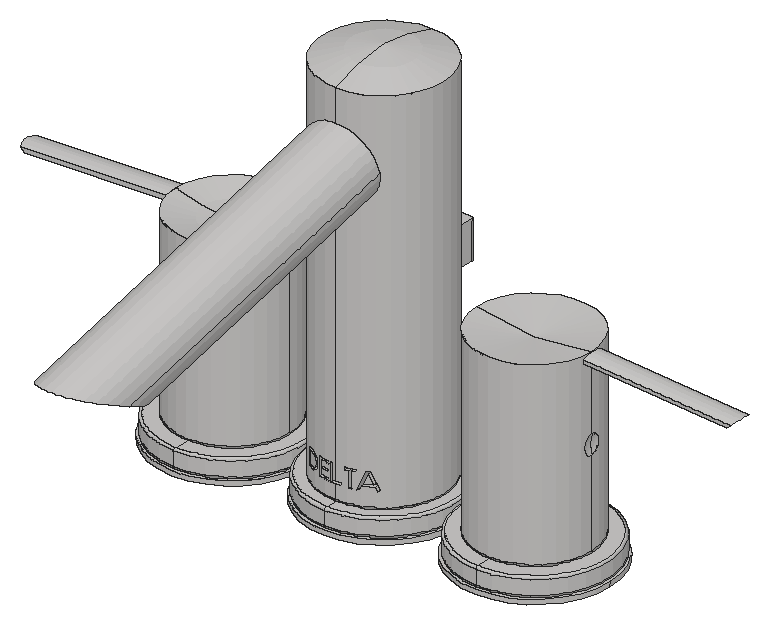
Revit family "Delta Bath Compel 3561", category Plumbing Fixtures, host Face, Revit 2012
Parameters (values of type "Delta Bath Compel 3561")
  tor Type = "Laminar"
  Valve Type = "Euromotion DIAMOND(TM) Valve"
  URL = "http://www.deltafaucet.com"
  Number of Handles = 2
  Model = "3561"
  Manufacturer = "Delta"
  Installation Type = "Widespread"
  Flow Rate = "1.5 gpm @ 60 psi, 5.7 L/min @ 414 kPa \r\n\r\nRead more: http://www.deltafaucet.com/bath/details/3561-mpu-dst.html#/?tab=product-support#ixzz2OqSZ4YBZ"
  Drain type = "Metal pop-up"
  Default Elevation = 4' - 0"
Reference planes (in)
  plane 1 "Center (Front/Back)": y = 0
  plane 2: z = 0
  plane 3 "Center (Left/Right)": x = 0
Dimensions and locks (in)
  aligned and locked: plane 2 to host face
  aligned and locked: level to host face
Nested families (in)
  nested 1: "Delta Bath Compel 3561" at (0, 0, 0), type "Delta Bath Compel 3561"
Connectors (in)
  piping at (0, 0, 0)
    settings: on host face, index 1, connector radius 12", flow factor 0, pipe flow 0 GPM, pressure drop 0.00 psi, fitting loss kfactor 0, connector angle 0.00°, fixture units 0, engagement length 0' - 0", flow configuration 0, flow direction 0, fitting loss method 0, system type 7, joint type 0, gender type 0, connector reference index -1, connector utility 0, adjustable connector no, is connector primary yes, fitting loss table "", connector description ""
Definition of nested family "Delta Bath Compel 3561"
  Parameters (values of type "Delta Bath Compel 3561")
    URL = "http://www.deltafaucet.com \r\n"
    Tap = Stainless Steel
    Model = "Delta Bath Compel 3561"
    Manufacturer = "Delta"
    Logo = Logo
  Reference planes (in)
    plane 1 "Center (Front/Back)": y = 0
    plane 2: z = 0
    plane 3 "Center (Left/Right)": x = 0
  Forms (in)
    Revolve 1, solid, material "Stainless Steel" <- "Tap"
      sketch origin (0, 0, -58.65) x (0, 1, 0) y (0, 0, 1)
        loop
          line (0.975, 58.74) -> (0.975, 58.93)
          arc (0.975, 58.93) -> (0.96621, 58.95121) -> (0.945, 58.96) r 0.03
          line (0.945, 58.96) -> (0, 58.96) -> (0, 58.71) -> (0.945, 58.71)
          arc (0.945, 58.71) -> (0.96621, 58.71878) -> (0.975, 58.74) r 0.03
        axis (0, 58.71) -> (0, 58.96)
      angle from 0 to 360
    Sweep 2, solid, material "Stainless Steel" <- "Tap"
      path origin (0, 0, -58.65) x (0, 1, 0) y (0, 0, 1)
        loop
          line (0, 58.65) -> (0, 58.71)
      profile origin (0, 0, 0.03) x (0, -1, 0) y (1, 0, 0)
        loop
          circle (0, 0) r 1.00394
    Revolve 3, solid, material "Stainless Steel" <- "Tap"
      sketch origin (0, 0, -58.65) x (0, 1, 0) y (0, 0, 1)
        loop
          line (0, 58.96) -> (0, 64.07181)
          arc (0, 64.07181) -> (-0.4089, 64.01848) -> (-0.805, 63.90382) r 2.71385
          line (-0.805, 63.90382) -> (-0.805, 58.98256)
          arc (-0.805, 58.98256) -> (-0.79839, 58.96661) -> (-0.78244, 58.96) r 0.02256
          line (-0.78244, 58.96) -> (0, 58.96)
        axis (0, 58.96) -> (0, 64.07181)
      angle from 0 to 360
    Sweep 4, solid, material "Stainless Steel" <- "Tap"
      path origin (0, -0.10471, -58.62583) x (0, 1, 0) y (0, 0, 1)
        loop
          line (-0.58258, 62.97593) -> (-5.37771, 61.86889)
      profile origin (0, -3.08486, 3.79658) x (0, 0.224951, -0.97437) y (1, 0, 0)
        loop
          circle (0, 0) r 0.49213
    Extrusion 5, void
      sketch origin (0, -0.01587, -58.65) x (0, 1, 0) y (0, 0, 1)
        loop
          line (-5.57725, 62.37257) -> (-5.35584, 61.41354) -> (-4.07329, 61.70964) -> (-5.57725, 62.37257)
      from -0.56765 to 0.54492
    Extrusion 6, solid, material "Stainless Steel" <- "Tap"
      sketch origin (-6.64987, -9.85161, -58.65) x (1, 0, 0) y (0, 1, 0)
        loop
          arc (6.9068, 10.62168) -> (6.93345, 10.62652) -> (6.94533, 10.65086) r 0.03
          line (6.94533, 10.65086) -> (6.94533, 10.9577)
          arc (6.94533, 10.9577) -> (6.93855, 10.97629) -> (6.92167, 10.98661) r 0.03
          arc (6.92167, 10.98661) -> (6.67261, 11.0132) -> (6.42356, 10.98661) r 1.17979
          arc (6.42356, 10.98661) -> (6.40668, 10.97629) -> (6.39989, 10.9577) r 0.03
          line (6.39989, 10.9577) -> (6.39989, 10.65086)
          arc (6.39989, 10.65086) -> (6.41183, 10.62648) -> (6.43856, 10.62172) r 0.03
          arc (6.43856, 10.62172) -> (6.67268, 10.65628) -> (6.9068, 10.62168) r 0.80978
      from 61.1 to 61.6
    Extrusion 7, solid, material "Stainless Steel" <- "Tap"
      sketch origin (-6.64987, -9.85161, -58.65) x (1, 0, 0) y (0, 1, 0)
        loop
          arc (6.9068, 10.62168) -> (6.93345, 10.62652) -> (6.94533, 10.65086) r 0.03
          line (6.94533, 10.65086) -> (6.94533, 10.74115)
          arc (6.94533, 10.74115) -> (6.93855, 10.75974) -> (6.92167, 10.77007) r 0.03
          arc (6.92167, 10.77007) -> (6.67261, 10.79665) -> (6.42356, 10.77007) r 1.17979
          arc (6.42356, 10.77007) -> (6.40668, 10.75974) -> (6.39989, 10.74115) r 0.03
          line (6.39989, 10.74115) -> (6.39989, 10.65086)
          arc (6.39989, 10.65086) -> (6.41183, 10.62648) -> (6.43856, 10.62172) r 0.03
          arc (6.43856, 10.62172) -> (6.67268, 10.65628) -> (6.9068, 10.62168) r 0.80978
      from 59 to 61.1
    Revolve 8, solid, material "Stainless Steel" <- "Tap"
      sketch origin (-2.01772, 0, -58.65) x (0, 1, 0) y (0, 0, 1)
        loop
          line (0.975, 58.74) -> (0.975, 58.93)
          arc (0.975, 58.93) -> (0.96621, 58.95121) -> (0.945, 58.96) r 0.03
          line (0.945, 58.96) -> (0, 58.96) -> (0, 58.71) -> (0.945, 58.71)
          arc (0.945, 58.71) -> (0.96621, 58.71878) -> (0.975, 58.74) r 0.03
        axis (0, 58.71) -> (0, 58.96)
      angle from 0 to 360
    Sweep 9, solid, material "Stainless Steel" <- "Tap"
      path origin (-2.01772, 0, -58.65) x (0, 1, 0) y (0, 0, 1)
        loop
          line (0, 58.65) -> (0, 58.71)
      profile origin (-2.01772, 0, 0.03) x (0, -1, 0) y (1, 0, 0)
        loop
          circle (0, 0) r 1.00394
    Revolve 10, solid, material "Stainless Steel" <- "Tap"
      sketch origin (-0.0123, 0, -58.65) x (1, 0, 0) y (0, 0, 1)
        loop
          line (-2, 58.96) -> (-1.265, 58.96)
          arc (-1.265, 58.96) -> (-1.24379, 58.96878) -> (-1.235, 58.99) r 0.03
          line (-1.235, 58.99) -> (-1.235, 61.375)
          arc (-1.235, 61.375) -> (-1.61393, 61.29582) -> (-2, 61.26748) r 2.9183
          line (-2, 61.26748) -> (-2, 58.96)
        axis (-2, 58.96) -> (-2, 61.375)
      angle from 0 to 360
    Revolve 11, solid, material "Stainless Steel" <- "Tap"
      sketch origin (2.01772, 0, -58.65) x (0, 1, 0) y (0, 0, -1)
        loop
          arc (0.975, -58.74) -> (0.96621, -58.71878) -> (0.945, -58.71) r 0.03
          line (0.945, -58.71) -> (0, -58.71) -> (0, -58.96) -> (0.945, -58.96)
          arc (0.945, -58.96) -> (0.96621, -58.95121) -> (0.975, -58.93) r 0.03
          line (0.975, -58.93) -> (0.975, -58.74)
        axis (0, -58.71) -> (0, -58.96)
      angle from 0 to 360
    Sweep 12, solid, material "Stainless Steel" <- "Tap"
      path origin (2.01772, 0, -58.65) x (0, 1, 0) y (0, 0, -1)
        loop
          line (0, -58.65) -> (0, -58.71)
      profile origin (2.01772, 0, 0.03) x (0, 1, 0) y (-1, 0, 0)
        loop
          circle (0, 0) r 1.00394
    Revolve 13, solid, material "Stainless Steel" <- "Tap"
      sketch origin (0.0123, 0, -58.65) x (-1, 0, 0) y (0, 0, 1)
        loop
          line (-2, 58.96) -> (-1.265, 58.96)
          arc (-1.265, 58.96) -> (-1.24379, 58.96878) -> (-1.235, 58.99) r 0.03
          line (-1.235, 58.99) -> (-1.235, 61.375)
          arc (-1.235, 61.375) -> (-1.61504, 61.308) -> (-2, 61.28107) r 3.68957
          line (-2, 61.28107) -> (-2, 58.96)
        axis (-2, 58.96) -> (-2, 61.375)
      angle from 0 to 360
    Revolve 14, void
      sketch origin (0, 0, -58.65) x (1, 0, 0) y (0, 0, 1)
        loop
          arc (-2.78589, 60.11652) -> (-2.76241, 60.18869) -> (-2.75447, 60.26416) r 0.36262
          line (-2.75447, 60.26416) -> (-2.78589, 60.26416) -> (-2.78589, 60.11652)
        axis (-2.75447, 60.26416) -> (-2.79384, 60.26416)
      angle from 0 to 360
    Revolve 15, void
      sketch origin (-0.00154, 0, -58.65) x (1, 0, 0) y (0, 0, 1)
        loop
          line (2.78589, 60.11652) -> (2.78589, 60.26416) -> (2.75429, 60.26416)
          arc (2.75429, 60.26416) -> (2.76228, 60.18867) -> (2.78589, 60.11652) r 0.36069
        axis (2.75429, 60.26416) -> (2.79366, 60.26416)
      angle from 0 to 360
    Sweep 16, solid, material "Stainless Steel" <- "Tap"
      path origin (-0.01917, 0, -0.13569) x (1, 0, 0) y (0, 0, 1)
        loop
          line (2.78895, 2.72612) -> (4.79407, 2.62104)
      profile origin (3.77235, 0, 2.53789) x (0.052336, 0, 0.99863) y (0, -1, 0)
        loop
          line (0.04838, -0.16232) -> (0.09748, -0.16232)
          arc (0.09748, -0.16232) -> (0.13485, -0.01468) -> (0.09748, 0.13295) r 0.31036
          line (0.09748, 0.13295) -> (0.04838, 0.13295) -> (0.04838, -0.16232)
    Extrusion 17, void
      sketch origin (-0.40384, 0, 0.02079) x (1, 0, 0) y (0, 0, 1)
        loop
          line (5.21586, 2.63432) -> (4.85441, 2.32011) -> (5.19845, 2.30208) -> (5.21586, 2.63432)
      from -0.21435 to 0.18711
    Sweep 18, solid, material "Stainless Steel" <- "Tap"
      path origin (0.01174, 0, -0.12539) x (-1, 0, 0) y (0, 0, 1)
        loop
          line (2.78198, 2.71573) -> (4.7871, 2.61064)
      profile origin (-3.77281, 0, 2.5378) x (0.052336, 0, -0.99863) y (0, -1, 0)
        loop
          line (-0.04838, -0.16232) -> (-0.04838, 0.13295) -> (-0.09748, 0.13295)
          arc (-0.09748, 0.13295) -> (-0.13485, -0.01468) -> (-0.09748, -0.16232) r 0.31036
          line (-0.09748, -0.16232) -> (-0.04838, -0.16232)
    Extrusion 19, void
      sketch origin (0.38546, 0, 0.03089) x (-1, 0, 0) y (0, 0, -1)
        loop
          line (5.17559, -2.59931) -> (5.16011, -2.30409) -> (4.85441, -2.32011) -> (5.17559, -2.59931)
      from -0.21435 to 0.18711
    Sweep 20, void
      path origin (0, -0.01845, 0) x (0, 1, 0) y (0, 0, 1)
        loop
          line (-0.8757, 0.62832) -> (-0.60009, 0.62832)
      profile origin (0, -0.75635, 0.62832) x (0, 0, 1) y (1, 0, 0)
        loop
          line (-0.10236, -0.45242) -> (0.13386, -0.45242) -> (0.13386, -0.38156)
          arc (0.13386, -0.38156) -> (0.01575, -0.26345) -> (-0.10236, -0.38156) r 0.11811
          line (-0.10236, -0.38156) -> (-0.10236, -0.45242)
        loop
          line (0.10236, -0.42093) -> (0.10236, -0.38156)
          arc (0.10236, -0.38156) -> (0.01575, -0.29494) -> (-0.07087, -0.38156) r 0.08661
          line (-0.07087, -0.38156) -> (-0.07087, -0.42093) -> (0.10236, -0.42093)
        loop
          line (-0.10236, -0.23195) -> (0.13386, -0.23195) -> (0.13386, -0.09093) -> (0.10236, -0.09093) -> (0.10236, -0.20045) -> (0.0315, -0.20045) -> (0.0315, -0.09093) -> (0, -0.09093) -> (0, -0.20045) -> (-0.07087, -0.20045) -> (-0.07087, -0.09093) -> (-0.10236, -0.09093) -> (-0.10236, -0.23195)
        loop
          line (-0.10236, -0.05943) -> (0.13386, -0.05943) -> (0.13386, -0.02793) -> (-0.07087, -0.02793) -> (-0.07087, 0.0816) -> (-0.10236, 0.0816) -> (-0.10236, -0.05943)
        loop
          line (0.13386, 0.11309) -> (0.13386, 0.25412) -> (0.10236, 0.25412) -> (0.10236, 0.19935) -> (-0.10236, 0.19935) -> (-0.10236, 0.16786) -> (0.10236, 0.16786) -> (0.10236, 0.11309) -> (0.13386, 0.11309)
        loop
          line (0.13386, 0.34955) -> (0.13386, 0.39204) -> (-0.10236, 0.48748) -> (-0.10236, 0.45351) -> (-0.05266, 0.43343) -> (-0.05266, 0.30817) -> (-0.10236, 0.28808) -> (-0.10236, 0.25412) -> (0.13386, 0.34955)
        loop
          line (0.10236, 0.3708) -> (-0.02116, 0.42071) -> (-0.02116, 0.32089) -> (0.10236, 0.3708)
  Cuts and joins
    Extrusion 5 cuts Sweep 4
    Revolve 14 cuts Revolve 10
    Revolve 15 cuts Revolve 13
    Extrusion 17, Extrusion 19 cuts Sweep 16
    Extrusion 19 cuts Sweep 18
    Sweep 20 cuts Revolve 3
